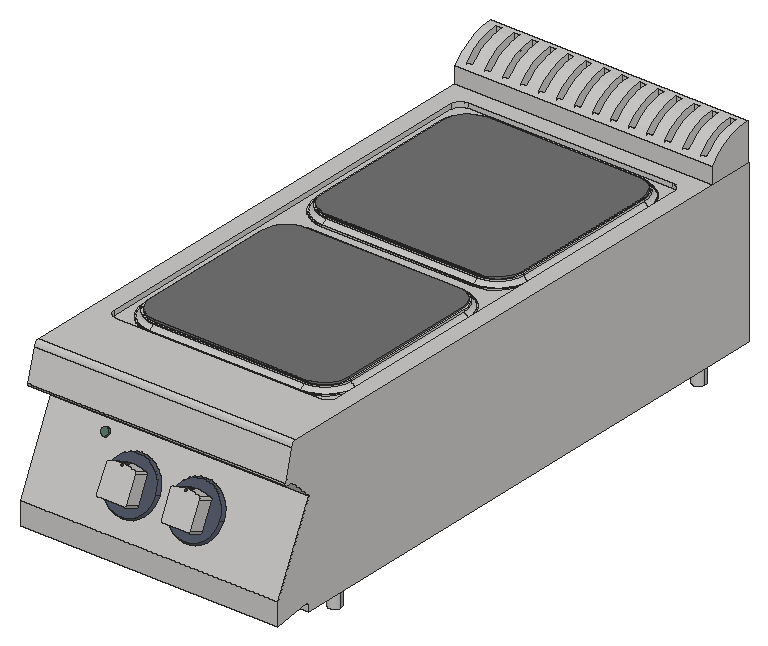
Revit family "QF_ZANUSSI_392039_Z9ECED2Q00", category Specialty Equipment, Revit 2018 (continued)
Automatic sketch dimensions
  curve 115 to curve 127 = 0 mm  (x2)
  curve 115 to curve 135 = 0 mm  (x2)
  curve 117 to curve 125 = 0 mm  (x2)
  curve 117 to curve 133 = 0 mm  (x2)
  curve 119 to curve 123 = 0 mm  (x2)
  curve 119 to curve 131 = 0 mm  (x2)
  curve 121 to curve 129 = 0 mm  (x2)
  curve 123 to curve 131 = 0 mm  (x2)
  curve 125 to curve 133 = 0 mm  (x2)
  curve 127 to curve 135 = 0 mm  (x2)
  plane 1 "BACK" to curve 138 = 0 mm
  curve 138 to plane 4 "RIGHT" = 0 mm
  plane 1 "BACK" to curve 137 = 0 mm
  curve 137 to plane 3 "LEFT" = 0 mm
  plane 5 "FRONT" to curve 138 = 0 mm
  plane 5 "FRONT" to curve 137 = 0 mm
  curve 110 to plane 4 "RIGHT" = 30.211 mm
  curve 102 to plane 4 "RIGHT" = 30.211 mm
  curve 109 to curve 116 = 1.714 mm
  curve 102 to curve 92 = 1.714 mm
  curve 115 to curve 126 = 6.35 mm
  curve 92 to curve 86 = 6.35 mm
  curve 70 to plane 4 "RIGHT" = 40.249 mm
  curve 71 to plane 4 "RIGHT" = 40.249 mm
  curve 86 to curve 78 = 3 mm
  curve 127 to curve 134 = 3 mm
  plane 8 "Center X" to curve 84 = 28.081 mm
  curve 77 to curve 84 = 37 mm
  plane 8 "Center X" to curve 112 = 0.564 mm
  curve 112 to curve 100 = 0 mm
  curve 78 to curve 87 = 37 mm
  curve 133 to curve 117 = 37 mm
  plane 3 "LEFT" to curve 128 = 86.725 mm
  curve 100 to curve 105 = 0 mm
  curve 104 to plane 13 = 24.355 mm
  plane 3 "LEFT" to curve 104 = 86.725 mm
  curve 107 to plane 11 = 65 mm
  plane 3 "LEFT" to curve 107 = 86.725 mm
  curve 73 to curve 74 = 37 mm
  curve 107 to curve 130 = 37 mm
  curve 69 to curve 96 = 2.125 mm
  curve 72 to curve 119 = 2.125 mm
  curve 70 to plane 13 = 30.534 mm
  curve 69 to plane 13 = 30.534 mm
  curve 72 to plane 11 = 23.115 mm
  curve 71 to plane 11 = 23.115 mm
  curve 70 to curve 70 = 15 mm
  curve 71 to curve 71 = 15 mm
  curve 69 to curve 69 = 15 mm
  curve 72 to curve 72 = 15 mm
  radius of Sweep 21 sketch curve to Extrusion 20 = 0 mm  (x2)
  radius of Sweep 22 sketch curve to Extrusion 20 = 0 mm  (x2)
  radius of Extrusion 23 sketch curve to Extrusion 20 = 3 mm  (x4)
  radius of Extrusion 3 sketch curve = 9.525 mm  (x4)
  radius of Extrusion 24 sketch curve = 12.7 mm
  radius of Extrusion 25 sketch curve = 12.7 mm
  radius of Extrusion 28 sketch curve = 6 mm
  radius of Blend 33 sketch curve = 42.5 mm
  radius of Blend 33 sketch curve = 40.5 mm
  radius of Split face 5 sketch curve = 2.029 mm
  radius of Split face 6 sketch curve = 1.5 mm
  radius of Blend 34 sketch curve = 42.5 mm
  radius of Blend 34 sketch curve = 40.5 mm
  radius of Split face 7 sketch curve = 1.5 mm
  radius of Split face 12 sketch curve = 2.031 mm
  radius of Split face 13 sketch curve = 1.5 mm
  radius of Split face 14 sketch curve = 1.5 mm
  radius of Split face 15 sketch curve = 1.5 mm
  radius of Split face 16 sketch curve = 1.5 mm
  radius of Split face 17 sketch curve = 1.5 mm
  radius of Split face 18 sketch curve = 1.5 mm
  radius of Split face 19 sketch curve = 1.5 mm
  radius of Split face 20 sketch curve = 1.5 mm
  radius of Split face 21 sketch curve = 1.5 mm
  radius of Split face 22 sketch curve = 1.5 mm
  radius of Split face 23 sketch curve = 1.5 mm
  radius of Split face 24 sketch curve = 1.5 mm
Connectors
  electrical at (339, -583, 11.3), driven by "Volts", driven by "Watts"
    settings: on Extrusion 25, index 1, voltage 400 V, apparent load 8000 VA, apparent load phase1 0 VA, apparent load phase2 0 VA, apparent load phase3 0 VA, power factor 1, load classification "Other", number of poles 1, system type 30, power factor state 1, is connector primary yes, connector utility no, sub classification motor no, connector description "ELECTRICAL CONNECTION"
